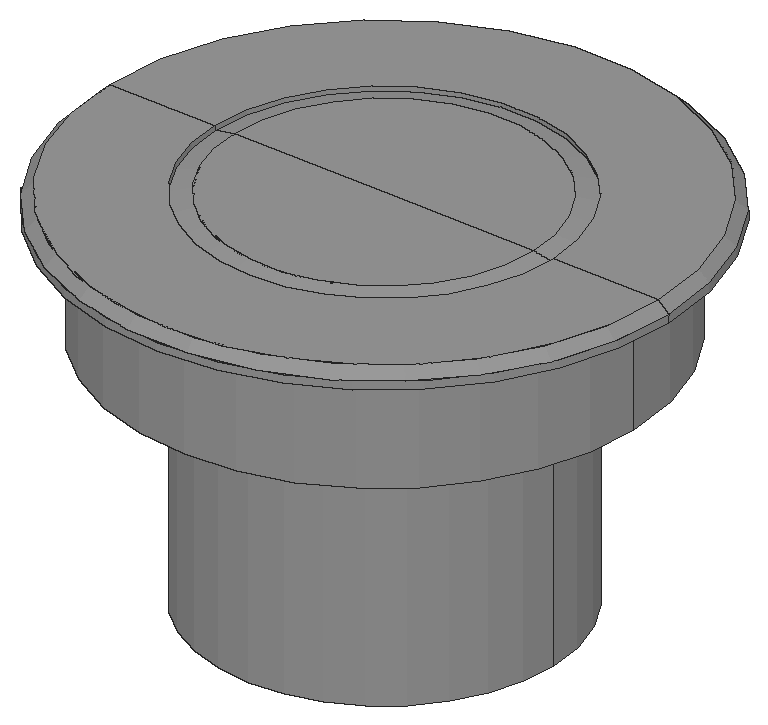
Revit family "4069952 Sylvania Lighting Fixture PATHE CEILING ROUND3 NARROW 237LM LED 3K", category Lighting Fixtures, host Face, Revit 2016
Family settings
  Host = Face
  Part Type = Normal
  Round Connector Dimension = Use Diameter
  OmniClass Number = 23.80.70.00
  OmniClass Title = Lighting
  Cut with Voids When Loaded = No
  Light Source = Yes
  Shared = No
  Room Calculation Point = No
Parameters (values of type "4069952 PATHE/C/R3 NAR 237LM LED 3K")
  Weight = "1.0 kg"
  Wattage Comments = ""
  Wattage = 4.4 W
  WarrantyStartDate [instance] = "n/a"
  WarrantyGuarantorParts = "n/a"
  WarrantyDurationUnit = "n/a"
  WarrantyDurationParts = "n/a"
  WarrantyDescription = "n/a"
  built-in parameter 1150110 = 1 (stored number, unit not read)
  Voltage = 0 V
  URL = "http://www.sylvania-lighting.com"
  TypeName = "PATHE/CEILING/ROUND3 NARROW 237LM LED 3K"
  Type Image = <None>
  Type Comments = "n/a"
  built-in parameter 1114217 = 1 (stored number, unit not read)
  Tilt Angle = -90.00°
  built-in parameter 1150109 = 1 (stored number, unit not read)
  built-in parameter 1150134 = (empty or 0)
  built-in parameter 1150113 = 1 (stored number, unit not read)
  SerialNumber [instance] = "n/a"
  Radius_SYL = 74 mm
  RadiusDiffuser_SYL = 44 mm
  Photometric Web File = "4069952.ies"
  Material_5_SYL = Steel AISI 1006 85 HR
  Material_3_SYL = Inside_Sylvania_Pathe_Black
  PowerFactor = 0
  PowerConsumption = "4.4 W"
  NominalLength = 148 mm
  NominalHeight = 110 mm
  NominalDepth = 0 mm
  Name = "PATHE/CEILING/ROUND3 NARROW 237LM LED 3K"
  ModelReference = Name  # "PATHE/CEILING/ROUND3 NARROW 237LM LED 3K"
  ModelNumber = "4069952"
  Model = Name  # "PATHE/CEILING/ROUND3 NARROW 237LM LED 3K"
  Material = "corrosion resistant die-cast aluminium body. aluminium fixing bracket. housing, tempered safety glass diffuser"
  ManufacturerName = "Feilo Sylvania"
  Manufacturer = "Feilo Sylvania"
  LuminousEfficacy = "53.86 lm/W"
  built-in parameter 1150105 = 18.86 (stored number, unit not read)
  Lumens = 237 lm
  LuminaireType = ""
  built-in parameter 1150115 = 1 (stored number, unit not read)
  LightOutputRatio = "100"
  built-in parameter 1150137 = (empty or 0)
  built-in parameter 1150139 = (empty or 0)
  LampsType = Lamp  # "LED"
  LampNominalLuminous = "237 lm"
  LampMacAdamStep = "n/a"
  LampColourTemperature = "3000 K"
  LampColourRenderingIndex = "80"
  built-in parameter 1150112 = 1 (stored number, unit not read)
  built-in parameter 1150114 = 1 (stored number, unit not read)
  Lamp = "LED"
  Keynote = "16500"
  InstallationDate [instance] = "n/a"
  InputVoltage = "n/a"
  InputNominalFrequency = "n/a"
  built-in parameter 1150132 = (empty or 0)
  built-in parameter 1150102 = (empty or 0)
  built-in parameter 1150107 = 3000 (stored number, unit not read)
  built-in parameter 1150138 = (empty or 0)
  IngressProtection = "IP66"
  ImpactProtectionIndex = "IK10"
  built-in parameter 1150106 = 0.1886 (stored number, unit not read)
  IfcExportType = "IfcLightFixtureType"
  IfcExportAs = "IfcLightFixtureType"
  HieghtTop_SYL = 3 mm
  ExpectedLife = 50000
  Emit from Circle Diameter = RadiusDiffuser_SYL * 2  # 88 mm
  Emit Shape Visible in Rendering = no
  ElectricShockClassification = "Class I"
  built-in parameter 1150104 = 5.0041 (stored number, unit not read)
  DurationUnit = "hours"
  DocumentationLiterature = "http://www.sylvania-lighting.com/product/en-int/products/4069952"
  DimmingControlOptions = "n/a"
  Material_2_SYL = LED-Sylvania
  Dimming Lamp Color Temperature Shift = <None>
  Description = "Round recessed ceiling mounted luminaireCorrosion resistant anodized aluminium, 237lm, 4,4W, 54lm/W, 3000K, CRI80+, narrow, non dimmable, IP66, IK10, (ØxD) 135x92mm, 3 step MacAdam ellipse, 1.2kg, Class I, 220-240V, A++ A+ A"
  Default Elevation = 1219.2 mm
  CreatedOn = "9/21/2018"
  CreatedBy = "@sylvania-lighting.com"
  Cost = 0
  Color Filter = 16777215
  built-in parameter 1114216 [instance] = (empty or 0)
  ClassificationValue = "EF_70_80"
  ClassificationName = "Uniclass2015"
  Material_1_SYL = Aluminum 6061 T6 80 Hot Formed
  ChamferTop_SYL = 2.5 mm
  ChamferDiffuserTop_SYL = 5 mm
  ChamferDiffuserSide_SYL = 1 mm
  BarCode [instance] = "n/a"
  built-in parameter 1114218 = 1 (stored number, unit not read)
  built-in parameter 1150133 = 10 (stored number, unit not read)
  AssetType = "Fixed"
  AssetIdentifier [instance] = "n/a"
  Assembly Code = "D5020200"
  Apparent Load = 4.4 VA
  Material_4_SYL = Polycarbonate, Clear
Reference planes
  plane 1 "Center (Front/Back)": y = 0
  plane 2: z = 0
  plane 3 "Center (Left/Right)": x = 0
  plane 4: x = -74
  plane 5: x = -44
  plane 6: z = 3
  plane 7: x = -71.5
  plane 8: x = -39
  plane 9: z = 2
  plane 10: z = 0.5
  plane 11: x = -55.75
  plane 12: x = -25
  plane 13: z = -12
  plane 14: x = -27.5
  plane 15: z = -11
  plane 16: x = -24
  plane 17: z = -15
  plane 18: x = -69
  plane 19: z = -1.5
  plane 20: x = -67.5
  plane 21: z = -92
  plane 22: z = -29.5
  plane 23: x = -65
  plane 24: x = -45
Forms (mm)
  Revolve 1, solid, material "Aluminum 6061 T6 80 Hot Formed" <- "Material_1_SYL"
    sketch origin (0, 0, 0) x (1, 0, 0) y (0, 0, 1)
      loop
        line (-71.5, 3) -> (-74, 0.5) -> (-74, -1.5) -> (-65, -1.5) -> (-65, -29.5) -> (-44, -29.5) -> (-44, -92) -> (0, -92) -> (0, -12) -> (-25, -12) -> (-27.5, -15) -> (-55.75, -15) -> (-55.75, 0) -> (-44, 0) -> (-44, 3) -> (-71.5, 3)
      axis (0, 3) -> (0, -92)
    angle from 360 to 0
  Revolve 2, solid, material "Polycarbonate, Clear" <- "Material_4_SYL"
    sketch origin (0, 0, 0) x (1, 0, 0) y (0, 0, 1)
      loop
        line (-44, 2) -> (-44, 0) -> (0, 0) -> (0, 3) -> (-39, 3) -> (-44, 2)
      axis (0, 3) -> (0, 0)
    angle from 360 to 0
  Revolve 3, void
    sketch origin (0, 0, 0) x (1, 0, 0) y (0, 0, 1)
      loop
        line (0, -29.5) -> (0, 0) -> (-67.5, 0) -> (-67.5, -29.5) -> (0, -29.5)
      axis (0, 0) -> (0, -29.5)
    angle from 360 to 0
  Revolve 4, solid, material "LED-Sylvania" <- "Material_2_SYL"
    sketch origin (0, 0, 0) x (1, 0, 0) y (0, 0, 1)
      loop
        line (-25, -12) -> (0, -12) -> (0, -11) -> (-24, -11) -> (-25, -12)
      axis (0, -11) -> (0, -12)
    angle from 360 to 0
Cuts and joins
  Revolve 3 cuts Revolve 2
Lines and regions (mm)
  reference lines
    curve 1: line (0, 0, -12) -> (0, -11.75, -12)
Dimensions and locks
  "Radius_SYL": plane 3 "Center (Left/Right)" to plane 4
  "RadiusDiffuser_SYL": plane 3 "Center (Left/Right)" to plane 5
  "ChamferTop_SYL": plane 7 to plane 4
  "ChamferDiffuserSide_SYL": plane 6 to plane 9
  "ChamferDiffuserTop_SYL": plane 8 to plane 5
  "ChamferTop_SYL": plane 6 to plane 10
  "HieghtTop_SYL": plane 6 to plane 2
  locked: plane 11 to plane 4 at 18.25
  locked: plane 3 "Center (Left/Right)" to plane 12 at 25
  locked: plane 14 to plane 12 at 2.5
  locked: plane 12 to plane 16 at 1
  locked: plane 15 to plane 13 at 1
  locked: host face to plane 17 at 15
  locked: plane 13 to plane 17 at 3
  locked: plane 3 "Center (Left/Right)" to plane 18 at 69
  plane 2 to plane 19 = 1.5 mm
  locked: plane 3 "Center (Left/Right)" to plane 20 at 67.5
  locked: plane 2 to plane 21 at 92
  locked: plane 2 to plane 22 at 29.5
  locked: plane 3 "Center (Left/Right)" to plane 23 at 65
  locked: plane 3 "Center (Left/Right)" to plane 24 at 45
  aligned and locked: plane 2 to host face
  aligned and locked: level to host face
  aligned and locked: plane 6 to Revolve 1 sketch curve
  aligned and locked: Revolve 1 sketch curve to plane 3 "Center (Left/Right)"
  aligned and locked: level to Revolve 1 sketch curve
  aligned and locked: plane 5 to Revolve 1 sketch curve
  aligned and locked: plane 6 to Revolve 2 sketch curve
  aligned and locked: Revolve 2 sketch curve to plane 3 "Center (Left/Right)"  (x2)
  aligned and locked: Revolve 1 to Revolve 2 sketch curve
  aligned and locked: plane 8 to Revolve 2 sketch curve
  aligned and locked: plane 5 to Revolve 2 sketch curve
  aligned and locked: plane 9 to Revolve 2 sketch curve
  aligned and locked: imposter light to plane 6
  aligned and locked: imposter light to plane 1 "Center (Front/Back)"
  aligned and locked: plane 3 "Center (Left/Right)" to imposter light
  aligned and locked: plane 7 to Revolve 1 sketch curve
  aligned and locked: Revolve 3 sketch curve to plane 3 "Center (Left/Right)"  (x2)
  aligned and locked: Revolve 3 sketch curve to Revolve 1
  aligned and locked: Revolve 3 sketch curve to level
  aligned and locked: plane 11 to Revolve 1 sketch curve
  aligned and locked: Revolve 1 sketch curve to Revolve 1 sketch curve
  aligned and locked: plane 13 to Revolve 1 sketch curve
  aligned and locked: plane 14 to Revolve 1 sketch curve
  aligned and locked: plane 12 to Revolve 1 sketch curve
  aligned and locked: plane 3 "Center (Left/Right)" to curve 1
  aligned and locked: Revolve 1 to Revolve 4 sketch curve
  aligned and locked: plane 16 to Revolve 4 sketch curve
  aligned and locked: Revolve 4 sketch curve to Revolve 1
  aligned and locked: plane 15 to Revolve 4 sketch curve
  aligned and locked: Revolve 4 sketch curve to plane 3 "Center (Left/Right)"  (x2)
  aligned and locked: Revolve 1 sketch curve to plane 4
  aligned and locked: plane 19 to Revolve 1 sketch curve
  aligned and locked: plane 20 to Revolve 3 sketch curve
  aligned and locked: plane 22 to Revolve 1 sketch curve
  aligned and locked: Revolve 1 sketch curve to plane 5
  aligned and locked: plane 21 to Revolve 1 sketch curve
Automatic sketch dimensions
  host sketch curve to host sketch curve = 2438.4 mm  (x2)
  Revolve 2 sketch curve to Revolve 2 sketch curve = 2607.058 mm
  Revolve 4 sketch curve to plane 6 = 2606.858 mm
  plane 1 "Center (Front/Back)" to curve 1 = 0 mm
  curve 1 to curve 1 = 11.75 mm
  Revolve 3 sketch curve to plane 6 = 2607.058 mm
  plane 21 to Revolve 2 sketch curve = 517.6 mm
  plane 21 to Revolve 3 sketch curve = 517.6 mm
  plane 21 to Revolve 4 sketch curve = 517.6 mm
  Revolve 1 sketch curve to plane 23 = 0 mm
  Revolve 1 sketch curve to plane 17 = 0 mm
  Revolve 1 sketch curve to plane 10 = 0 mm
  plane 21 to Revolve 1 sketch curve = 517.6 mm
  Revolve 1 sketch curve to plane 6 = 2607.058 mm
Connectors
  electrical at (0, 0, 0), driven by "Apparent Load", driven by "PowerFactor", driven by "Voltage"
    settings: index 1, voltage 0 V, apparent load 4.4 VA, apparent load phase1 0 VA, apparent load phase2 0 VA, apparent load phase3 0 VA, power factor 0, load classification "Lighting", number of poles 1, system type 30, power factor state 1, is connector primary yes, connector utility no, sub classification motor no, connector description ""
